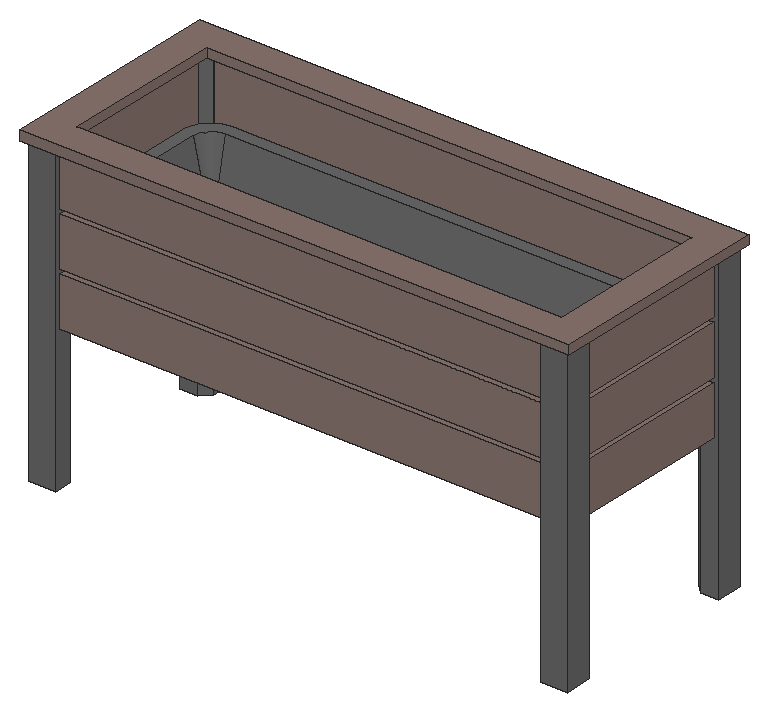
Revit family "Planter-Elevated-CityScapes-Planx", category Specialty Equipment, Revit 2021
Family settings
  Round Connector Dimension = Use Diameter
  Part Type = Normal
  Work Plane-Based = No
  Always vertical = Yes
  Cut with Voids When Loaded = No
  Shared = No
  Room Calculation Point = No
Parameters (values of type "24”x60”x34”")
  Width = 60"
  URL = "https://cityscapesinc.com/"
  Specification = "https://www.arcat.com/company/cityscapes-international-inc-40042/spec"
  Product Page URL = "https://www.arcat.com/arcatcos/cos40/arc40042.html"
  Model = "Planx Planters - Elevated Planters Series"
  Manufacturer = "CityScapes"  # constant formula
  Length = 24"
  Leg Visibility = no
  Keynote = "32 94 33"
  Height = 34"
  Frame Material [instance] = Aluminum - CityScapes - Electric Black
  Description = "Elevated Planter"
  Default Elevation = 0"
  Copyright = "© 2023 ARCAT"  # constant formula
  CAD Details = "https://www.arcat.com/company/cityscapes-international-inc-40042/cad"
  Board Material [instance] = PVC Board - CityScapes - Sequoia
Types (5): name | Width | Length | Leg Visibility
  18”x48”x34” | 60" | 24" | no
  24”x48”x34” | 48" | 24" | no
  24”x72”x34” | 72" | 24" | yes
  24”x60”x34” | 60" | 24" | no
  18”x36”x34” | 36" | 18" | no
Reference planes (in)
  plane 1 "Center (Front/Back)": y = 0
  plane 2: z = 0
  plane 3 "Center (Left/Right)": x = 0
  plane 4: x = 30
  plane 5: x = -30
  plane 6: y = 12
  plane 7: y = -12
  plane 8: z = 34
Forms (in)
  Extrusion 1, solid, material "Aluminum - CityScapes - Electric Black" <- "Frame Material"
    sketch origin (0, 0, 0) x (1, 0, 0) y (0, 1, 0)
      loop
        line (30, 12) -> (27, 12) -> (27, 10) -> (28, 9) -> (30, 9) -> (30, 12)
      loop
        line (30, -12) -> (30, -9) -> (28, -9) -> (27, -10) -> (27, -12) -> (30, -12)
      loop
        line (-30, 12) -> (-30, 9) -> (-28, 9) -> (-27, 10) -> (-27, 12) -> (-30, 12)
      loop
        line (-30, -12) -> (-27, -12) -> (-27, -10) -> (-28, -9) -> (-30, -9) -> (-30, -12)
    from 0 to 34
  Sweep 2, solid, material "PVC Board - CityScapes - Sequoia" <- "Board Material"
    path origin (0, 0, 0) x (1, 0, 0) y (0, 1, 0)
      loop
        line (30, 0) -> (30, 12) -> (-30, 12) -> (-30, -12) -> (30, -12) -> (30, 0)
    profile origin (30, 6, 0) x (-1, 0, 0) y (0, 0, 1)
      loop
        line (0.5, 33.50001) -> (0.5, 28.00001) -> (1.375, 28.00001) -> (1.375, 27.50001) -> (0.5, 27.50001) -> (0.5, 22.00001) -> (1.375, 22.00001) -> (1.375, 21.50001) -> (0.5, 21.50001) -> (0.5, 16.00001) -> (2, 16.00001) -> (2, 34) -> (1.375, 34) -> (1.375, 33.50001) -> (0.5, 33.50001)
  Sweep 3, solid, material "PVC Board - CityScapes - Sequoia" <- "Board Material"
    path origin (0, 0, 0) x (1, 0, 0) y (0, 1, 0)
      loop
        line (30, 12) -> (-30, 12) -> (-30, -12) -> (30, -12) -> (30, 12)
    profile origin (30, 0, 0) x (1, 0, 0) y (0, 0, 1)
      loop
        line (-3, 35.00001) -> (-3, 34) -> (0.5, 34) -> (0.5, 35.00001) -> (-3, 35.00001)
  Extrusion 4, solid, material "Aluminum - CityScapes - Electric Black" <- "Frame Material", visible <- "Leg Visibility"
    sketch origin (0, 0, 0) x (1, 0, 0) y (0, 1, 0)
      loop
        line (-0.5, 9.625) -> (0.5, 9.625) -> (1.5, 10.625) -> (1.5, 12) -> (-1.5, 12) -> (-1.5, 10.625) -> (-0.5, 9.625)
      loop
        line (-0.5, -9.625) -> (-1.5, -10.625) -> (-1.5, -12) -> (1.5, -12) -> (1.5, -10.625) -> (0.5, -9.625) -> (-0.5, -9.625)
    from 0 to 34
  Extrusion 5, solid, material "Aluminum - CityScapes - Electric Black" <- "Frame Material", visible <- "Leg Visibility"
    sketch origin (0, 0, 0) x (1, 0, 0) y (0, 0, 1)
      loop
        line (-0.86873, 7) -> (-0.86873, 6) -> (0.86873, 6) -> (0.86873, 7) -> (-0.86873, 7)
    from -12 to 12
  Sweep 6, solid, material "Aluminum - CityScapes - Electric Black" <- "Frame Material"
    path origin (0, 0, 0) x (1, 0, 0) y (0, 1, 0)
      loop
        arc (-24.5, 10) -> (-26.97487, 8.97487) -> (-28, 6.5) r 3.5
        line (-28, 6.5) -> (-28, -6.5)
        arc (-28, -6.5) -> (-26.97487, -8.97487) -> (-24.5, -10) r 3.5
        line (-24.5, -10) -> (24.5, -10)
        arc (24.5, -10) -> (26.97487, -8.97487) -> (28, -6.5) r 3.5
        line (28, -6.5) -> (28, 6.5)
        arc (28, 6.5) -> (26.97487, 8.97487) -> (24.5, 10) r 3.5
        line (24.5, 10) -> (-24.5, 10)
    profile origin (28, 0, 0) x (1, 0, 0) y (0, 0, 1)
      loop
        line (-3.34396, 22.00001) -> (-3.34396, 21.75001) -> (-2.55192, 21.75001) -> (-1.31566, 27.25001) -> (0, 27.25001) -> (0, 27.50001) -> (-1.5157, 27.50001) -> (-2.66422, 22.39036)
        arc (-2.66422, 22.39036) -> (-2.83966, 22.10961) -> (-3.15205, 22.00001) r 0.5
        line (-3.15205, 22.00001) -> (-3.34396, 22.00001)
  Extrusion 7, solid, material "Aluminum - CityScapes - Electric Black" <- "Frame Material"
    sketch origin (0, 0, 0) x (1, 0, 0) y (0, 1, 0)
      loop
        arc (-24.5, 6.65604) -> (-24.61034, 6.61034) -> (-24.65604, 6.5) r 0.15604
        line (-24.65604, 6.5) -> (-24.65604, -6.5)
        arc (-24.65604, -6.5) -> (-24.61034, -6.61034) -> (-24.5, -6.65604) r 0.15604
        line (-24.5, -6.65604) -> (24.5, -6.65604)
        arc (24.5, -6.65604) -> (24.61034, -6.61034) -> (24.65604, -6.5) r 0.15604
        line (24.65604, -6.5) -> (24.65604, 6.5)
        arc (24.65604, 6.5) -> (24.61034, 6.61034) -> (24.5, 6.65604) r 0.15604
        line (24.5, 6.65604) -> (-24.5, 6.65604)
    from 21.75001 to 22.00001
Cuts and joins
  joined: Extrusion 4, Extrusion 5
  joined: Sweep 6, Extrusion 7
Dimensions and locks (in)
  "Width": plane 5 to plane 4
  equal spacing: plane 5, plane 3 "Center (Left/Right)", plane 4
  "Length": plane 6 to plane 7
  equal spacing: plane 6, plane 1 "Center (Front/Back)", plane 7
  "Height": plane 8 to level
  locked: Extrusion 1 sketch curve to plane 4 at 3  (x2)
  locked: plane 6 to Extrusion 1 sketch curve at 3  (x2)
  locked: Extrusion 1 sketch curve to plane 7 at 3  (x2)
  locked: plane 5 to Extrusion 1 sketch curve at 3  (x2)
  locked: Sweep 2 sketch curve to Sweep 2 sketch curve at 1.5
  locked: plane 8 to Sweep 3 sketch curve at 1.00001
  equal spacing: Extrusion 5 sketch curve, plane 3 "Center (Left/Right)", Extrusion 5 sketch curve
  locked: plane 6 to cut or joined group of Extrusion 4, Extrusion 5 at 2.375
  locked: Extrusion 4 sketch curve to plane 7 at 2.375
  locked: plane 5 to Sweep 6 sketch curve at 2
  locked: plane 6 to Sweep 6 sketch curve at 2
  locked: Sweep 6 sketch curve to plane 7 at 2
  locked: Sweep 6 sketch curve to plane 4 at 2
  locked: plane 5 to Extrusion 7 sketch curve at 5.34396
  locked: Extrusion 7 sketch curve to plane 4 at 5.34396
  locked: plane 6 to Extrusion 7 sketch curve at 5.34396
  locked: Extrusion 7 sketch curve to plane 7 at 5.34396
  aligned and locked: plane 2 to level
  aligned and locked: Extrusion 1 sketch curve to plane 4
  aligned and locked: plane 6 to Extrusion 1 sketch curve
  aligned and locked: Extrusion 1 sketch curve to plane 6
  aligned and locked: Extrusion 1 sketch curve to plane 5
  aligned and locked: Extrusion 1 sketch curve to plane 7
  aligned and locked: plane 5 to Extrusion 1 sketch curve
  aligned and locked: plane 4 to Extrusion 1 sketch curve
  aligned and locked: plane 7 to Extrusion 1 sketch curve
  aligned and locked: plane 8 to Extrusion 1
  aligned and locked: Sweep 2 sketch curve to plane 7
  aligned and locked: plane 4 to Sweep 2 sketch curve
  aligned and locked: plane 6 to Sweep 2 sketch curve
  aligned and locked: Sweep 2 sketch curve to plane 5
  aligned and locked: Sweep 3 sketch curve to plane 4
  aligned and locked: Sweep 3 sketch curve to plane 6
  aligned and locked: plane 5 to Sweep 3 sketch curve
  aligned and locked: plane 7 to Sweep 3 sketch curve
  aligned and locked: Sweep 3 sketch curve to plane 8
  aligned and locked: Sweep 2 sketch curve to Sweep 3
  aligned and locked: Extrusion 4 sketch curve to plane 7
  aligned and locked: Extrusion 4 sketch curve to plane 6
  aligned and locked: plane 6 to cut or joined group of Extrusion 4, Extrusion 5
  aligned and locked: cut or joined group of Extrusion 4, Extrusion 5 to plane 7
Automatic sketch dimensions
  plane 1 "Center (Front/Back)" to Sweep 2 sketch curve = 0"
  level to Extrusion 5 sketch curve = 6"
  Extrusion 5 sketch curve to Extrusion 5 sketch curve = 1"
  Extrusion 5 sketch curve to plane 3 "Center (Left/Right)" = 0.86873"
  Extrusion 1 sketch curve to Extrusion 1 sketch curve = 1"  (x8)
  Sweep 2 sketch curve to profile plane = 1/2"  (x2)
  Sweep 2 sketch curve to Sweep 2 sketch curve = 0"
  Sweep 2 sketch curve to Sweep 2 sketch curve = 5/8"
  Sweep 2 sketch curve to Sweep 2 sketch curve = 7/8"  (x2)
  Sweep 2 sketch curve to Sweep 2 sketch curve = 1/2"  (x3)
  Sweep 2 sketch curve to Sweep 2 sketch curve = 5 1/2"  (x3)
  profile plane to Sweep 3 sketch curve = 3"
  Sweep 3 sketch curve to profile plane = 1/2"
  Extrusion 4 sketch curve to plane 3 "Center (Left/Right)" = 1 1/2"  (x2)
  Extrusion 4 sketch curve to plane 3 "Center (Left/Right)" = 1/2"  (x2)
  plane 3 "Center (Left/Right)" to Extrusion 4 sketch curve = 1/2"  (x2)
  Extrusion 4 sketch curve to Extrusion 4 sketch curve = 1"
  plane 3 "Center (Left/Right)" to Extrusion 4 sketch curve = 1 1/2"
  Extrusion 4 sketch curve to Extrusion 4 sketch curve = 1 3/8"  (x4)
  Extrusion 4 sketch curve to plane 6 = 2 3/8"
  Sweep 6 sketch curve to Sweep 6 sketch curve = 3 1/2"  (x4)
  profile plane to Sweep 6 sketch curve = 0"
  profile plane to Sweep 6 sketch curve = 1.31566"
  Sweep 6 sketch curve to Sweep 6 sketch curve = 0.20004"
  profile plane to Sweep 6 sketch curve = 2.55192"
  Sweep 6 sketch curve to Sweep 6 sketch curve = 0.1123"
  Sweep 6 sketch curve to Sweep 6 sketch curve = 0.48783"
  Sweep 6 sketch curve to Sweep 6 sketch curve = 0.19191"
  profile plane to Sweep 6 sketch curve = 21 3/4"
  Sweep 6 sketch curve to Sweep 6 sketch curve = 1/4"  (x2)
  Sweep 6 sketch curve to Sweep 6 sketch curve = 0.39035"
  Sweep 6 sketch curve to Sweep 6 sketch curve = 4.85966"
  Extrusion 7 sketch curve to Extrusion 7 sketch curve = 0.15604"  (x4)
